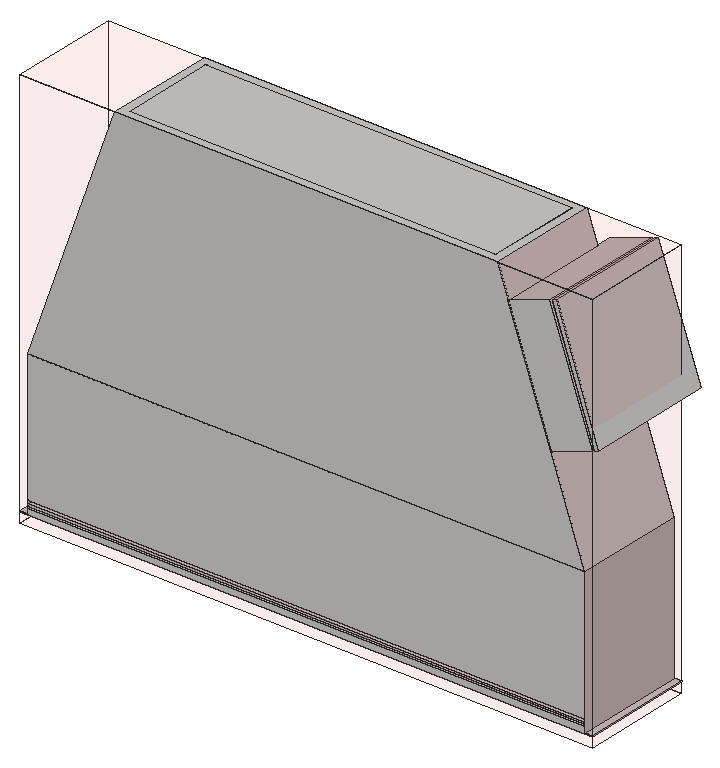
Revit family "Air-Curtain_Industrial_PoweredAire_Gas-Direct", category Mechanical Equipment, host Face, Revit 2019
Family settings
  Host = Face
  Round Connector Dimension = Use Diameter
  Part Type = Normal
  OmniClass Number = 23.75.35.17.21
  OmniClass Title = Air Curtains
  Cut with Voids When Loaded = No
  Shared = No
  Room Calculation Point = No
Parameters
  topbracket [instance] = Unit Height = 1' 4 3/4"  # no
  Warranty Duration (Years) = 0
  Unit Width Notes = "Other Widths available."  # constant formula
  Unit Width = 9' - 0"
  Unit Weight = 0
  Unit Height = 1' - 9"
  Unit Depth = 2' - 3 1/4"
  URL = "http://www.poweredaire.com/"
  Test Data = ""
  Standards Conformance = "as Specified"
  Specification = "http://www.arcat.com/sdspecs/htm04/23_34_33pai.htm"
  SpecWizard = ""
  Sound Pressure = "as Specified"
  Sales Information = "http://www.poweredaire.com/contact_us"
  Revision = "R1_2016-08"
  Projection from Host [instance] = 0' - 2"
  Product Properties = ""
  Product Data = "http://www.arcat.com/arcatcos/cos47/arc47623.html"
  Power Rating = 0 W
  Piping_Operating Pressure [instance] = 0.00 psi
  Pipe OD [instance] = 5/8"
  Overall Depth = 6' - 1 3/4"
  Nozzle Width = if(1 = 1, Unit Width - 0' 3", 0' 0")  # 8' - 9"
  Mounting Width = if(1 = 1, Unit Width - 0' 1 1/2", 0' 0")  # 8' - 10 1/2"
  Mounting Height [instance] = 3' - 6"
  Motor RPM = 0
  Motor HP = 0
  Motor Count = 0
  Model = "As Specified"
  Max Height = 0' - 0"
  Manufacturer Website = "http://www.poweredaire.com/"
  Manufacturer Phone - Toll Free = "888-321-2473"
  Manufacturer Phone = "724-588-3305"
  Manufacturer Fax = "724-588-3371"
  Manufacturer Address = "109 Mortensen Rd.  Greenville, PA 16125"
  Manufacturer = "Powered Aire, Inc"
  Maintenance Schedule (Months) = 0
  Keynote = "23 34 33"
  Intake Width = 6' - 0 1/16"
  Installation-Fabrication = ""
  Installation Phase = ""
  Include Clearance [instance] = yes
  Heating Element Load = 0 W
  Filter Weight = 0
  Front Grating Material [instance] = Metal - Steel - PoweredAire - Stainless 304 Perforated
  HVAC_Temperature Rise = 0 °F
  HVAC_Primary CFM = 0 CFM
  HVAC_Outlet Volume = 0 CFM
  HVAC_Outlet Velocity Uniformity = 0
  HVAC_Outlet Velocity = 0 FPM
  HVAC_Exit Temperature [instance] = 0 °F
  HVAC_BTU Output = 0.0 Btu/h
  HVAC_BTU Input = 0.0 Btu/h
  Green Building-LEED = "http://www.arcat.com/green/clients/leed_data_47623.html"
  Gas Connection Diameter [instance] = 0"
  Frame Finish [instance] = Metal - Steel - PoweredAire - Stainless 304
  Expected Lifespan (Years) = 0
  Exhaust Connection Diameter = 0' - 5"
  Electrical_Wattage [instance] = Power Rating + Heating Element Load  # 0 W
  Electrical_Voltage [instance] = 0 V
  Electrical_Phase [instance] = 1
  Electrical_Frequency [instance] = 0 Hz
  Electrical_Amperage [instance] = 0 A
  Drawn By = "Sumex Design, Inc. / Robert S. Weygant, CSI, CDT, SCIP"
  Description = "Powered Aire Air Curtain as Specified"
  Default Elevation = 0' - 0"  # constant formula
  Copyright = "©Arcat Inc."
  Construction Details = "http://www.arcat.com/details/powair/prod3336.html"
  Clearance_Top [instance] = 0' - 0"
  Clearance_Side B [instance] = 0' - 0"
  Clearance_Side A [instance] = 0' - 0"
  Clearance_Intake [instance] = 0' - 0"
  Clearance_Bottom [instance] = 0' - 0"
  Clearance Material [instance] = ARCAT Clearance
  Building Codes = ""
  Available Options [instance] = "as Specified"
  Assembly Code = "D3090400"
Reference planes
  plane 1 "Center (Elevation)": y = 3.51
  plane 2: z = 0
  plane 3 "Center (Left/Right)": x = 0
  plane 4 "Top": y = 270.21
  plane 5: y = -263.19
  plane 6: x = -1371.6
  plane 7: x = 1371.6
  plane 8 "Front": z = 742.95
  plane 9 "FF": y = -1063.29
  plane 10: z = 50.8
  plane 11: x = 1333.5
  plane 12: x = -1333.5
  plane 13: y = 270.21
  plane 14: y = -263.19
  plane 15: x = -1371.6
  plane 16: x = 1371.6
  plane 17: z = 1924.05
  plane 18: x = 1331.913
  plane 19: x = -1331.912
  plane 20: x = 1333.5
  plane 21: x = 1333.5
  plane 22: y = 206.71
  plane 23: y = -199.69
  plane 24: z = 1924.05
  plane 25: x = -915.194
  plane 26: x = 915.194
Forms (mm)
  Extrusion 1, solid, material "Metal - Steel - PoweredAire - Stainless 304" <- "Frame Finish"
    sketch origin (0, 0, 0) x (0, 1, 0) y (0, 0, 1)
      loop
        line (-263.19, 50.8) -> (270.21, 50.8) -> (270.21, 742.95) -> (-263.19, 742.95) -> (-263.19, 50.8)
    from -1333.5 to 1333.5
  Extrusion 2, solid, material "ARCAT Clearance" <- "Clearance Material", visible <- "Include Clearance"
    sketch origin (0, 0, 0) x (0, 1, 0) y (0, 0, 1)
      loop
        line (-263.19, 1924.05) -> (-263.19, 0) -> (270.21, 0) -> (270.21, 1924.05) -> (-263.19, 1924.05)
    from -1371.6 to 1371.6
  Extrusion 3, solid, material "Metal - Steel - PoweredAire - Stainless 304" <- "Frame Finish"
    sketch origin (-385.496, -4572, 50.8) x (-1, 0, 0) y (0, -1, 0)
      loop
        line (-1718.996, -4842.21) -> (-1718.996, -4308.81) -> (-1757.096, -4308.81) -> (-1757.096, -4842.21) -> (-1718.996, -4842.21)
      loop
        line (948.004, -4842.21) -> (986.104, -4842.21) -> (986.104, -4308.81) -> (948.004, -4308.81) -> (948.004, -4842.21)
    from 0 to 3.175
  Extrusion 4, solid, material "Metal - Steel - PoweredAire - Stainless 304" <- "Frame Finish", visible <- "topbracket"
    sketch origin (-300.688, 270.21, 1219.2) x (-1, 0, 0) y (0, 0, 1)
      loop
        line (-1634.188, -1155.7) -> (-1634.188, -1085.85) -> (-1672.288, -1085.85) -> (-1672.288, -1155.7) -> (-1634.188, -1155.7)
      loop
        line (-1634.188, -546.1) -> (-1634.188, -476.25) -> (-1672.288, -476.25) -> (-1672.288, -546.1) -> (-1634.188, -546.1)
      loop
        line (1032.812, -1155.7) -> (1070.912, -1155.7) -> (1070.912, -1085.85) -> (1032.812, -1085.85) -> (1032.812, -1155.7)
      loop
        line (1032.812, -546.1) -> (1070.912, -546.1) -> (1070.912, -476.25) -> (1032.812, -476.25) -> (1032.812, -546.1)
    from 0 to -3.175
  Extrusion 5, void
    sketch origin (0, 0, 0) x (0, 1, 0) y (0, 0, 1)
      loop
        line (-263.19, 76.2) -> (-237.79, 76.2) -> (-237.79, 114.3) -> (-263.19, 114.3) -> (-263.19, 97.136) -> (-241.519, 97.136) -> (-241.519, 90.786) -> (-263.19, 90.786) -> (-263.19, 76.2)
    from -1331.912 to 1331.913
  Extrusion 6, solid, material "Metal - Steel - PoweredAire - Stainless 304" <- "Frame Finish"
    sketch origin (0, 3.51, 0) x (1, 0, 0) y (0, 0, 1)
      loop
        line (-1333.5, 742.95) -> (1333.5, 742.95) -> (915.194, 1924.05) -> (-915.194, 1924.05) -> (-1333.5, 742.95)
    from -266.7 to 266.7
  Extrusion 7, solid, material "Metal - Steel - PoweredAire - Stainless 304 Perforated" <- "Front Grating Material"
    sketch origin (-915.194, 3.51, 1924.05) x (1, 0, 0) y (0, 1, 0)
      loop
        line (38.1, 228.6) -> (38.1, -228.6) -> (1792.288, -228.6) -> (1792.288, 228.6) -> (38.1, 228.6)
    from 0 to 0.794
  Extrusion 8, solid, material "Metal - Steel - PoweredAire - Stainless 304" <- "Frame Finish"
    sketch origin (915.194, 3.51, 1924.05) x (0.333847, 0, -0.942627) y (0, 1, 0)
      loop
        line (152.4, -266.7) -> (762, -266.7) -> (762, 342.9) -> (152.4, 342.9) -> (152.4, -266.7)
    from 0 to 244.475
  Sweep 9, void
    path in 3D
      loop
        line (1196.521, -263.19, 1862.011) -> (1400.034, -263.19, 1287.385) -> (1400.034, 346.41, 1287.385) -> (1196.521, 346.41, 1862.011) -> (1196.521, -263.19, 1862.011)
    profile origin (1196.521, 41.61, 1862.011) x (0.333847, 0, -0.942627) y (0.942627, 0, 0.333847)
      loop
        line (0, -19.05) -> (0, -31.75) -> (6.35, -31.75) -> (6.35, -19.05) -> (0, -19.05)
Cuts and joins
  Extrusion 5 cuts Extrusion 1
  Sweep 9 cuts Extrusion 8
Lines and regions (mm)
  sketch lines
    curve 1: line (1196.521, 346.41, 1862.011) -> (1196.521, -263.19, 1862.011)
    curve 2: line (1400.034, 346.41, 1287.385) -> (1196.521, 346.41, 1862.011)
    curve 3: line (1196.521, -263.19, 1862.011) -> (1400.034, -263.19, 1287.385)
    curve 4: line (1400.034, -263.19, 1287.385) -> (1400.034, 346.41, 1287.385)
Dimensions and locks
  equal spacing: plane 4 "Top", plane 1 "Center (Elevation)", plane 5
  "Unit Height": plane 4 "Top" to plane 5
  equal spacing: plane 6, plane 3 "Center (Left/Right)", plane 7
  "Unit Width": plane 6 to plane 7
  "Mounting Height": plane 1 "Center (Elevation)" to plane 9 "FF"
  "Projection from Host": plane 10 to level
  "Unit Depth": plane 8 "Front" to plane 10
  locked: plane 6 to plane 12 at 38.1
  locked: plane 11 to plane 7 at 38.1
  "Clearance_Side A": plane 7 to plane 16
  "Clearance_Side B": plane 15 to plane 6
  "Clearance_Top": plane 13 to plane 4 "Top"
  "Clearance_Bottom": plane 5 to plane 14
  "Clearance_Intake": plane 17 to plane 24
  Extrusion 5 sketch curve to Extrusion 5 sketch curve to Extrusion 5 sketch curve to Extrusion 5 sketch curve to plane 10 = 0' - 0.67575" locked, 0' - 0 1/4" locked, 0' - 0.57425" locked, 0' - 1" locked
  plane 5 to Extrusion 5 sketch curve to Extrusion 5 sketch curve = 0' - 0.85319" locked, 0' - 0.14681" locked
  locked: plane 19 to plane 12 at 1.587
  locked: plane 11 to plane 18 at 1.587
  locked: plane 20 to plane 11
  locked: plane 21 to plane 11
  locked: plane 4 "Top" to plane 22 at 63.5
  locked: plane 23 to plane 5 at 63.5
  "Overall Depth": plane 24 to plane 10
  Extrusion 4 sketch curve to Extrusion 4 sketch curve to plane 10 = 0' - 2 3/4" locked, 0' - 0 1/2" locked  (x2)
  plane 8 "Front" to Extrusion 4 sketch curve to Extrusion 4 sketch curve = 0' - 0" locked, 0' - 2 3/4" locked  (x2)
  equal spacing: plane 25, plane 3 "Center (Left/Right)", plane 26
  "Intake Width": plane 25 to plane 26
  locked: plane 4 "Top" to Extrusion 7 sketch curve at 38.1
  locked: Extrusion 7 sketch curve to plane 5 at 38.1
  locked: plane 25 to Extrusion 7 sketch curve at 38.1
  locked: Extrusion 7 sketch curve to plane 26 at 38.1
  aligned and locked: plane 2 to host face
  aligned and locked: level to host face
  aligned and locked: Extrusion 2 sketch curve to plane 17
  aligned and locked: plane 14 to Extrusion 2 sketch curve
  aligned and locked: level to Extrusion 2 sketch curve
  aligned and locked: Extrusion 2 sketch curve to plane 13
  aligned and locked: plane 16 to Extrusion 2
  aligned and locked: Extrusion 2 to plane 15
  aligned and locked: plane 11 to Extrusion 1
  aligned and locked: Extrusion 1 to plane 12
  aligned and locked: Extrusion 1 sketch curve to plane 8 "Front"
  aligned and locked: plane 18 to cut or joined group of Extrusion 1, Extrusion 5
  aligned and locked: cut or joined group of Extrusion 1, Extrusion 5 to plane 19
  aligned and locked: Extrusion 6 sketch curve to plane 8 "Front"
  aligned and locked: plane 21 to Extrusion 6 sketch curve
  aligned and locked: plane 12 to Extrusion 6 sketch curve
  aligned and locked: Extrusion 6 sketch curve to plane 24
  aligned and locked: plane 25 to Extrusion 6 sketch curve
  aligned and locked: plane 26 to Extrusion 6 sketch curve
  aligned and locked: plane 4 "Top" to Extrusion 6
  aligned and locked: Extrusion 6 to plane 5
Automatic sketch dimensions
  host sketch curve to host sketch curve = 8' - 0"  (x2)
  plane 4 "Top" to Extrusion 3 sketch curve = 0' - 0"
  Extrusion 3 sketch curve to plane 7 = 0' - 0"
  plane 5 to Extrusion 3 sketch curve = 0' - 0"
  Extrusion 3 sketch curve to plane 11 = 0' - 0"
  Extrusion 3 sketch curve to plane 4 "Top" = 0' - 0"
  Extrusion 3 sketch curve to plane 12 = 0' - 0"
  Extrusion 3 sketch curve to plane 6 = 0' - 0"
  Extrusion 3 sketch curve to plane 5 = 0' - 0"
  Extrusion 4 sketch curve to plane 7 = 0' - 0"  (x2)
  Extrusion 4 sketch curve to plane 11 = 0' - 0"  (x2)
  Extrusion 4 sketch curve to plane 12 = 0' - 0"  (x2)
  Extrusion 4 sketch curve to plane 6 = 0' - 0"  (x2)
  Extrusion 5 sketch curve to plane 5 = 0' - 0"  (x2)
  Extrusion 1 sketch curve to plane 5 = 0' - 0"
  Extrusion 1 sketch curve to plane 4 "Top" = 0' - 0"
  Extrusion 1 sketch curve to plane 10 = 0' - 0"
  Extrusion 8 sketch curve to Extrusion 6 = 0' - 3"
  Extrusion 6 to Extrusion 8 sketch curve = 1' - 7.33021"
  Extrusion 8 sketch curve to Extrusion 6 = 0' - 0"
  Extrusion 8 sketch curve to Extrusion 6 = 0' - 6"
  profile plane to Sweep 9 sketch curve = 0' - 0"
  Sweep 9 sketch curve to profile plane = 0' - 0 3/4"
  Sweep 9 sketch curve to Sweep 9 sketch curve = 0' - 0 1/2"
  Sweep 9 sketch curve to Sweep 9 sketch curve = 0' - 0 1/4"
Connectors
  electrical at (-1333.5, 3.51, 396.875), driven by "Electrical_Voltage", driven by "Electrical_Phase"
    settings: on cut or joined group of Extrusion 1, Extrusion 5, index 3, voltage 0 V, apparent load 0 VA, apparent load phase1 0 VA, apparent load phase2 0 VA, apparent load phase3 0 VA, power factor 1, load classification "Motor", number of poles 1, system type 31, power factor state 1, is connector primary yes, connector utility no, sub classification motor no, connector description ""
